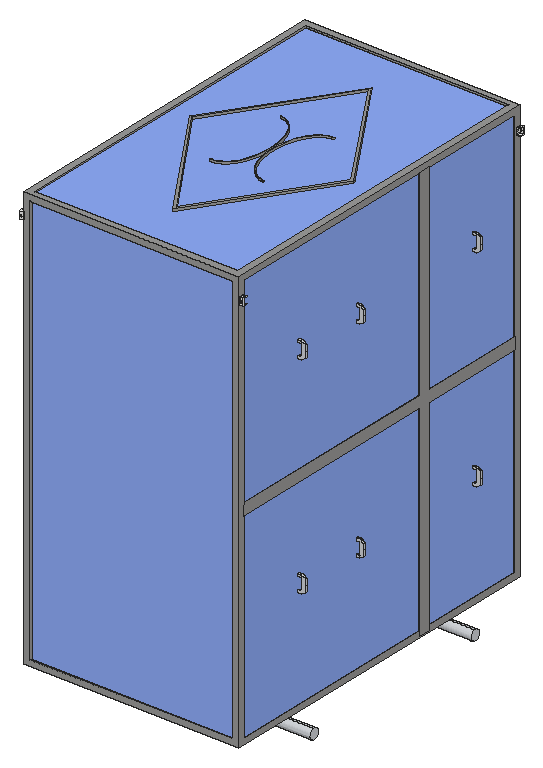
Revit family "8. Секция пластинчатого рекуператора ANR R1, R3", category Оборудование, Revit 2016
Family settings
  Тип детали = Нормальный
  Размер круглого соединителя = Использовать диаметр
  На основе рабочей плоскости = Нет
  Всегда вертикально = Да
  При загрузке вырезать с полостями = Нет
  Общий = Нет
  Точка расчета площади = Нет
Parameters (values of type "ANR 8 R3")
  значок = yes
  Ширина = А - 75 mm  # 1245 mm
  Синий = Синий
  Середина = h + Б1 / 2  # 1466.5 mm
  К5 = Д1 * 0.29  # 617.7 mm
  К2 = Д1 * 0.16  # 340.8 mm
  К1 = Д1 * 0.42  # 894.6 mm
  И1 = И / 2  # 236.429 mm
  И = 472.857 mm
  Заправочный объем, л = 19.30 m³
  З = Д / 7  # 307.143 mm
  Ж = Б1 / 4  # 643.25 mm
  К = Д1 * 0.21  # 447.3 mm
  Д1 = Д - 20 mm  # 2130 mm
  Д патрубков = 40 mm
  Д = 2150 mm
  ножки(да/нет) [instance] = no
  Высота = Б - 75 mm  # 2518 mm
  Б1 = Б - 20 mm  # 2573 mm
  А1 = А - 20 mm  # 1300 mm
  А = 1320 mm
  высота ножек = 170 mm
  Б = 2593 mm
  Частотный преобразователь [instance] = no
  Частота вращения n, об/мин = ""
  Тип, марка, обозначение = "ANR 8 R3"
  Сила тока J, А = ""
  Регулятор расхода [instance] = no
  Раздел = "ОВ"
  Примечание = ""
  Позиция = ""
  Напряжение U,В = ""
  Наименование и тех.хар-ка = "Секция пластинчатого рекуператора с однонаправленным"
  Мощность двигателя N,Вт = ""
  Материал = RAL 0000 Серый металл
  Масса единицы = ""
  Код, оборудования = ""
  Ключевая пометка = "Вентиляция"
  Задание электрикам [instance] = no
  Задание автоматчикам [instance] = no
  Завод изготовитель = "KORF"  # constant formula
  Единица измерения = "шт."  # constant formula
  h = высота ножек + 10 mm  # 180 mm
Types (12, lengths in mm): name | Ширина | Середина | К5 | К2 | К1 | И1 | И | Заправочный объем, л | З | Ж | К | Д1 | Д патрубков | Д | Высота | Б1 | А1 | А | Б | Тип, марка, обозначение | Наименование и тех.хар-ка | Материал
  ANR 20 R1 | 1585 | 1806.5 | 1074.45 | 592.8 | 1556.1 | 236.429 | 472.857 | 7.00 m³ | 532.143 | 813.25 | 778.05 | 3705 | 28 | 3725 | 3198 | 3253 | 1640 | 1660 | 3273 | "ANR 20 R1" | "Секция пластинчатого рекуператора со встречным дви-\r\nжением потоков приточного\r\nи вытяжного воздуха" | Сталь серая
  ANR 25 R1 | 1970 | 2191.5 | 1074.45 | 592.8 | 1556.1 | 236.429 | 472.857 | 37.80 m³ | 532.143 | 1005.75 | 778.05 | 3705 | 28 | 3725 | 3968 | 4023 | 2025 | 2045 | 4043 | "ANR 25 R1" | "Секция пластинчатого рекуператора со встречным дви-\r\nжением потоков приточного\r\nи вытяжного воздуха" | Сталь серая
  ANR 7 R1 | 1025 | 1466.5 | 617.7 | 340.8 | 894.6 | 381.5 | 763 | 14.30 m³ | 307.143 | 643.25 | 447.3 | 2130 | 40 | 2150 | 2518 | 2573 | 1080 | 1100 | 2593 | "ANR 7 R1" | "Секция пластинчатого рекуператора со встречным дви-\r\nжением потоков приточного\r\nи вытяжного воздуха" | Сталь серая
  ANR 8 R1 | 1245 | 1466.5 | 617.7 | 340.8 | 894.6 | 236.429 | 472.857 | 19.30 m³ | 307.143 | 643.25 | 447.3 | 2130 | 40 | 2150 | 2518 | 2573 | 1300 | 1320 | 2593 | "ANR 8 R1" | "Секция пластинчатого рекуператора со встречным дви-\r\nжением потоков приточного\r\nи вытяжного воздуха" | Сталь серая
  ANR 6 R1 | 1025 | 1246.5 | 465.45 | 256.8 | 674.1 | 236.429 | 472.857 | 7.00 m³ | 232.143 | 533.25 | 337.05 | 1605 | 28 | 1625 | 2078 | 2133 | 1080 | 1100 | 2153 | "ANR 6 R1" | "Секция пластинчатого рекуператора со встречным дви-\r\nжением потоков приточного\r\nи вытяжного воздуха" | Сталь серая
  ANR 12 R1 | 1360 | 1581.5 | 769.95 | 424.8 | 1115.1 | 236.429 | 472.857 | 13.30 m³ | 382.143 | 700.75 | 557.55 | 2655 | 35 | 2675 | 2748 | 2803 | 1415 | 1435 | 2823 | "ANR 12 R1" | "Секция пластинчатого рекуператора со встречным дви-\r\nжением потоков приточного\r\nи вытяжного воздуха" | Сталь серая
  ANR 6 R3 | 1025 | 1246.5 | 465.45 | 256.8 | 674.1 | 236.429 | 472.857 | 7.00 m³ | 232.143 | 533.25 | 337.05 | 1605 | 28 | 1625 | 2078 | 2133 | 1080 | 1100 | 2153 | "ANR 6 R3" | "Секция пластинчатого рекуператора с однонаправленным\r\nдвижением потоков приточного\r\nи вытяжного воздуха" | Сталь серая
  ANR 7 R3 | 1025 | 1466.5 | 617.7 | 340.8 | 894.6 | 381.5 | 763 | 14.30 m³ | 307.143 | 643.25 | 447.3 | 2130 | 40 | 2150 | 2518 | 2573 | 1080 | 1100 | 2593 | "ANR 7 R3" | "Секция пластинчатого рекуператора с однонаправленным" | Сталь серая
  ANR 8 R3 | 1245 | 1466.5 | 617.7 | 340.8 | 894.6 | 236.429 | 472.857 | 19.30 m³ | 307.143 | 643.25 | 447.3 | 2130 | 40 | 2150 | 2518 | 2573 | 1300 | 1320 | 2593 | "ANR 8 R3" | "Секция пластинчатого рекуператора с однонаправленным" | RAL 0000 Серый металл
  ANR 12 R3 | 1360 | 1581.5 | 769.95 | 424.8 | 1115.1 | 236.429 | 472.857 | 13.30 m³ | 382.143 | 700.75 | 557.55 | 2655 | 35 | 2675 | 2748 | 2803 | 1415 | 1435 | 2823 | "ANR 12 R3" | "Секция пластинчатого рекуператора с однонаправленным" | Сталь серая
  ANR 20 R3 | 1585 | 1806.5 | 1074.45 | 592.8 | 1556.1 | 236.429 | 472.857 | 7.00 m³ | 532.143 | 813.25 | 778.05 | 3705 | 28 | 3725 | 3198 | 3253 | 1640 | 1660 | 3273 | "ANR 20 R3" | "Секция пластинчатого рекуператора с однонаправленным" | Сталь серая
  ANR 25 R3 | 1970 | 2191.5 | 1074.45 | 592.8 | 1556.1 | 236.429 | 472.857 | 37.80 m³ | 532.143 | 1005.75 | 778.05 | 3705 | 28 | 3725 | 3968 | 4023 | 2025 | 2045 | 4043 | "ANR 25 R3" | "Секция пластинчатого рекуператора с однонаправленным" | Сталь серая
Reference planes
  plane 1 "По центру (Вперед/Назад)": y = 0
  plane 2: z = 0
  plane 3 "По центру (Влево/Вправо)": x = 0
  plane 4: x = -650
  plane 5: x = 650
  plane 6: y = 1065
  plane 7: y = -1065
  plane 8: z = 2753
  plane 9: z = 180
  plane 10: y = -510
  plane 11: z = 1466.5
  plane 12: z = 2653
  plane 13: x = 700
  plane 14: y = -369.163
  plane 15: x = 754
  plane 16: z = 2109.75
  plane 17: z = 823.25
  plane 18: y = 724.2
  plane 19: y = -617.7
  plane 20: y = -170.4
  plane 21: y = 510
  plane 22: y = 369.163
  plane 23: y = -617.7
  plane 24: y = 617.7
Forms (mm)
  Extrusion 1, solid, material "Синий" <- "Синий", detail levels fine
    sketch origin (0, 0, 50) x (1, 0, 0) y (0, 1, 0)
      loop
        line (-650, 1065) -> (-650, -1065) -> (650, -1065) -> (650, 1065) -> (-650, 1065)
    from 130 to 2703
  Sweep 2, solid, material "RAL 0000 Серый металл" <- "Материал", detail levels fine
    path origin (650, -1065, 50) x (-1, 0, 0) y (0, 0, -1)
      loop
        line (0, -2703) -> (1300, -2703) -> (1300, -130) -> (0, -130) -> (0, -2703)
    profile "Профиль уголок 10х10 : Профиль уголок 10х10" origin (0, -1065, 2753) x (0, 0, -1) y (0, -1, 0)
      loop
        line (0, -27.5) -> (0, 0) -> (27.5, 0) -> (27.5, 10) -> (-10, 10) -> (-10, -27.5) -> (0, -27.5)
  Sweep 3, solid, material "RAL 0000 Серый металл" <- "Материал", detail levels fine
    path origin (-650, 1065, 50) x (1, 0, 0) y (0, 0, -1)
      loop
        line (0, -2703) -> (1300, -2703) -> (1300, -130) -> (0, -130) -> (0, -2703)
    profile "Профиль уголок 10х10 : Профиль уголок 10х10" origin (0, 1065, 2753) x (0, 0, -1) y (0, 1, 0)
      loop
        line (0, -27.5) -> (0, 0) -> (27.5, 0) -> (27.5, 10) -> (-10, 10) -> (-10, -27.5) -> (0, -27.5)
  Sweep 4, solid, material "RAL 0000 Серый металл" <- "Материал", detail levels fine
    path origin (650, 1065, 50) x (0, -1, 0) y (0, 0, -1)
      loop
        line (0, -2703) -> (2130, -2703) -> (2130, -130) -> (0, -130) -> (0, -2703)
    profile "Профиль уголок 10х10 : Профиль уголок 10х10" origin (650, 0, 2753) x (0, 0, -1) y (1, 0, 0)
      loop
        line (0, -27.5) -> (0, 0) -> (27.5, 0) -> (27.5, 10) -> (-10, 10) -> (-10, -27.5) -> (0, -27.5)
  Sweep 5, solid, material "RAL 0000 Серый металл" <- "Материал", detail levels fine
    path origin (-650, -1065, 50) x (0, 1, 0) y (0, 0, -1)
      loop
        line (0, -2703) -> (2130, -2703) -> (2130, -130) -> (0, -130) -> (0, -2703)
    profile "Профиль уголок 10х10 : Профиль уголок 10х10" origin (-650, 0, 2753) x (0, 0, -1) y (-1, 0, 0)
      loop
        line (0, -27.5) -> (0, 0) -> (27.5, 0) -> (27.5, 10) -> (-10, 10) -> (-10, -27.5) -> (0, -27.5)
  Extrusion 6, void, not visible
    sketch origin (-345, -245, 50) x (0, -1, 0) y (0, 0, -1)
      loop
        line (-477.965, -475) -> (-477.965, -450) -> (-528.913, -450) -> (-528.913, -475) -> (-477.965, -475)
    from -47.452 to 12
  Sweep 7, solid, material "RAL 0000 Серый металл" <- "Материал", visible <- "ножки(да/нет)", detail levels fine
    path origin (0, 0, 0) x (1, 0, 0) y (0, 1, 0)
      loop
        line (-650, 1065) -> (-650, -1065) -> (650, -1065) -> (650, 1065) -> (-650, 1065)
    profile "Профиль 170мм : Профиль 170мм" origin (0, 1065, 0) x (0, 1, 0) y (0, 0, 1)
      loop
        line (-10, 170) -> (-10, 150) -> (-3.38, 150) -> (-3.38, 20) -> (-10, 20) -> (-10, 0) -> (10, 0) -> (10, 20) -> (3.38, 20) -> (3.38, 150) -> (10, 150) -> (10, 170) -> (-10, 170)
  Extrusion 8, void
    sketch origin (0, 0, 0) x (1, 0, 0) y (0, 0, 1)
      loop
        line (152.369, 150) -> (152.369, 20) -> (458.798, 20) -> (458.798, 150) -> (152.369, 150)
      loop
        line (-152.369, 150) -> (-458.798, 150) -> (-458.798, 20) -> (-152.369, 20) -> (-152.369, 150)
    from -1862.5 to 1075
  Extrusion 9, void
    sketch origin (0, -439.582, 0) x (0, 1, 0) y (0, 0, 1)
      loop
        line (-455.018, 150) -> (-455.018, 20) -> (98.782, 20) -> (98.782, 150) -> (-455.018, 150)
    from -1535.214 to 1700
  Extrusion 10, void
    sketch origin (0, 439.582, 6.882) x (0, -1, 0) y (0, 0, -1)
      loop
        line (-455.018, -143.118) -> (98.782, -143.118) -> (98.782, -13.118) -> (-455.018, -13.118) -> (-455.018, -143.118)
    from -1535.214 to 1700
  Extrusion 11, solid, material "RAL 0000 Серый металл" <- "Материал", detail levels fine
    sketch origin (0, 100, 0) x (0, 1, 0) y (0, 0, 1)
      loop
        line (207.143, 2725.5) -> (207.143, 180) -> (277.143, 180) -> (277.143, 2725.5) -> (207.143, 2725.5)
    from 640 to 660
  Extrusion 12, solid, material "RAL 0000 Серый металл" <- "Материал", detail levels fine
    sketch origin (0, 0, 38.75) x (0, 1, 0) y (0, 0, 1)
      loop
        line (-1037.5, 1462.831) -> (-1037.5, 1392.831) -> (1037.5, 1392.831) -> (1037.5, 1462.831) -> (-1037.5, 1462.831)
    from 622.5 to 660
  Sweep 13, solid, detail levels fine
    path origin (4267.2, -617.7, 251.711) x (0, 0, 1) y (1, 0, 0)
      loop
        line (-170.406, -3513.2) -> (-170.406, -3848.2)
        arc (-170.406, -3848.2) -> (-145.51, -3908.304) -> (-85.406, -3933.2) r 85
        line (-85.406, -3933.2) -> (-71.711, -3933.2)
    profile origin (586.5, -617.7, 81.305) x (0, 0, 1) y (0, 1, 0)
      loop
        circle (0, 0) r 30
  Sweep 14, solid, detail levels fine
    path origin (4267.2, 617.7, 251.711) x (0, 0, 1) y (1, 0, 0)
      loop
        line (-170.406, -3513.2) -> (-170.406, -3848.2)
        arc (-170.406, -3848.2) -> (-145.51, -3908.304) -> (-85.406, -3933.2) r 85
        line (-85.406, -3933.2) -> (-71.711, -3933.2)
    profile origin (586.5, 617.7, 81.305) x (0, 0, -1) y (0, -1, 0)
      loop
        circle (0, 0) r 30
  Extrusion 15, solid, material "RAL 0000 Серый металл" <- "Материал", visible <- "значок", detail levels fine
    sketch origin (0, 0, 0) x (1, 0, 0) y (0, 1, 0)
      loop
        line (0, 763.22) -> (-505, 0) -> (0, -762.5) -> (505, 0) -> (0, 763.22)
      loop
        line (0.117, 741.649) -> (-490.416, 0.293) -> (0.316, -731.355) -> (485.849, 0) -> (0.117, 741.649)
      loop
        spline (-163.142, 271.486) -> (-122.346, 260.798) -> (-84.528, 232.853) -> (-52.205, 189.513) -> (-27.529, 133.662) -> (-12.143, 69.017) -> (-7.07, -0.119) -> (-12.648, -69.143) -> (-28.506, -133.463) -> (-53.589, -188.796) -> (-86.226, -231.459) -> (-124.246, -258.614) -> (-165.118, -268.452)
        spline (-165.118, -268.452) -> (-123.476, -260.047) -> (-84.559, -233.678) -> (-51.04, -191.157) -> (-25.219, -135.402) -> (-8.872, -70.245) -> (-3.12, -0.159) -> (-8.358, 70.041) -> (-24.228, 135.534) -> (-49.638, 191.821) -> (-82.845, 235.038) -> (-121.566, 262.215) -> (-163.142, 271.486)
      loop
        spline (166.269, 271.489) -> (124.272, 263.761) -> (84.938, 237.757) -> (51.007, 195.291) -> (24.844, 139.323) -> (8.273, 73.753) -> (2.448, 3.15) -> (7.776, -67.565) -> (23.884, -133.463) -> (49.651, -189.951) -> (83.281, -233.094) -> (122.429, -259.884) -> (164.369, -268.453)
        spline (164.369, -268.453) -> (123.171, -258.497) -> (84.889, -230.955) -> (52.111, -187.689) -> (27.055, -131.627) -> (11.414, -66.56) -> (6.248, 3.111) -> (11.904, 72.674) -> (28.002, 137.423) -> (53.451, 192.98) -> (86.531, 235.586) -> (125.004, 262.359) -> (166.269, 271.489)
    from 1854.868 to 2763
  Extrusion 16, solid, not visible
    sketch origin (0, 0, -1861.794) x (1, 0, 0) y (0, 1, 0)
      loop
        line (0, 763.22) -> (-505, 0) -> (0, -762.5) -> (505, 0) -> (0, 763.22)
      loop
        line (0.117, 741.649) -> (-490.416, 0.293) -> (0.316, -731.355) -> (485.849, 0) -> (0.117, 741.649)
      loop
        spline (-163.142, 271.486) -> (-122.346, 260.798) -> (-84.528, 232.853) -> (-52.205, 189.513) -> (-27.529, 133.662) -> (-12.143, 69.017) -> (-7.07, -0.119) -> (-12.648, -69.143) -> (-28.506, -133.463) -> (-53.589, -188.796) -> (-86.226, -231.459) -> (-124.246, -258.614) -> (-165.118, -268.452)
        spline (-165.118, -268.452) -> (-123.476, -260.047) -> (-84.559, -233.678) -> (-51.04, -191.157) -> (-25.219, -135.402) -> (-8.872, -70.245) -> (-3.12, -0.159) -> (-8.358, 70.041) -> (-24.228, 135.534) -> (-49.638, 191.821) -> (-82.845, 235.038) -> (-121.566, 262.215) -> (-163.142, 271.486)
      loop
        spline (166.269, 271.489) -> (124.272, 263.761) -> (84.938, 237.757) -> (51.007, 195.291) -> (24.844, 139.323) -> (8.273, 73.753) -> (2.448, 3.15) -> (7.776, -67.565) -> (23.884, -133.463) -> (49.651, -189.951) -> (83.281, -233.094) -> (122.429, -259.884) -> (164.369, -268.453)
        spline (164.369, -268.453) -> (123.171, -258.497) -> (84.889, -230.955) -> (52.111, -187.689) -> (27.055, -131.627) -> (11.414, -66.56) -> (6.248, 3.111) -> (11.904, 72.674) -> (28.002, 137.423) -> (53.451, 192.98) -> (86.531, 235.586) -> (125.004, 262.359) -> (166.269, 271.489)
    from 1854.868 to 4213
Cuts and joins
  joined: Sweep 2, Sweep 3, Sweep 4, Sweep 5
  Extrusion 8, Extrusion 9, Extrusion 10 cuts Sweep 7
  joined: Extrusion 11, Extrusion 12
Lines and regions (mm)
  model lines, detail levels coarse
    curve 1: line (-660, 1075, 0) -> (660, 1075, 0)
    curve 2: line (-660, -1075, 0) -> (-660, 1075, 0)
    curve 3: line (660, -1075, 0) -> (-660, -1075, 0)
    curve 4: line (660, 1075, 0) -> (660, -1075, 0)
    curve 5: line (0, 1075, 0) -> (-660, 0, 0)
    curve 6: line (-660, 0, 0) -> (0, -1075, 0)
    curve 7: line (0, -1075, 0) -> (660, 0, 0)
    curve 8: line (660, 0, 0) -> (0, 1075, 0)
    curve 9: spline (-94.668, 271.528, 0) -> (-61.696, 254.089, 0) -> (-32.984, 204.026, 0) -> (-12.239, 127.805, 0) -> (-2.143, 35.272, 0) -> (-3.998, -61.62, 0) -> (-17.566, -150.355, 0) -> (-41.093, -219.47, 0) -> (-71.54, -260.038, 0) -> (-104.976, -266.818, 0) -> (-137.079, -238.935, 0) -> (-163.704, -179.989, 0) -> (-181.412, -97.597, 0)
    curve 10: spline (94.668, 271.528, 0) -> (61.696, 254.089, 0) -> (32.984, 204.026, 0) -> (12.239, 127.805, 0) -> (2.143, 35.272, 0) -> (3.998, -61.62, 0) -> (17.566, -150.355, 0) -> (41.093, -219.47, 0) -> (71.54, -260.038, 0) -> (104.976, -266.818, 0) -> (137.079, -238.935, 0) -> (163.704, -179.989, 0) -> (181.412, -97.597, 0)
    curve 11: line (-94.668, 271.528, 0) -> (-53.884, 290.545, 0)
    curve 12: line (-94.668, 271.528, 0) -> (-78.587, 218.931, 0)
    curve 13: line (94.668, 271.528, 0) -> (73.454, 292.741, 0)
    curve 14: line (94.668, 271.528, 0) -> (81.989, 244.338, 0)
    curve 15: line (-181.412, -97.597, 0) -> (-161.792, -126.58, 0)
    curve 16: line (-181.412, -97.597, 0) -> (-193.382, -130.486, 0)
    curve 17: line (181.412, -97.597, 0) -> (198.229, -122.44, 0)
    curve 18: line (181.412, -97.597, 0) -> (164.595, -122.44, 0)
  model lines, not visible, detail levels coarse
    curve 19: spline (-158.121, 271.528, 0) -> (-114.832, 261.458, 0) -> (-74.772, 231.999, 0) -> (-40.929, 185.348, 0) -> (-15.828, 124.986, 0) -> (-1.34, 55.415, 0) -> (1.452, -18.176, 0) -> (-7.659, -90.297, 0) -> (-27.993, -155.569, 0) -> (-58.033, -209.122, 0) -> (-95.54, -246.963, 0) -> (-137.715, -266.267, 0) -> (-181.412, -265.597, 0)
    curve 20: spline (158.121, 271.528, 0) -> (114.832, 261.458, 0) -> (74.772, 231.999, 0) -> (40.929, 185.348, 0) -> (15.828, 124.986, 0) -> (1.34, 55.415, 0) -> (-1.452, -18.176, 0) -> (7.659, -90.297, 0) -> (27.993, -155.569, 0) -> (58.033, -209.122, 0) -> (95.54, -246.963, 0) -> (137.715, -266.267, 0) -> (181.412, -265.597, 0)
    curve 21: line (-158.121, 271.528, 0) -> (-111.137, 288.629, 0)
    curve 22: line (-158.121, 271.528, 0) -> (-132.896, 234.263, 0)
    curve 23: line (158.121, 271.528, 0) -> (117.338, 290.545, 0)
    curve 24: line (158.121, 271.528, 0) -> (126.302, 239.708, 0)
    curve 25: line (-181.412, -265.597, 0) -> (-161.792, -294.58, 0)
    curve 26: line (-181.412, -265.597, 0) -> (-156.568, -248.78, 0)
    curve 27: line (181.412, -265.597, 0) -> (156.568, -248.78, 0)
    curve 28: line (181.412, -265.597, 0) -> (164.595, -290.44, 0)
    curve 29: spline (-158.121, 271.528, 0) -> (-114.832, 261.458, 0) -> (-74.772, 231.999, 0) -> (-40.929, 185.348, 0) -> (-15.828, 124.986, 0) -> (-1.34, 55.415, 0) -> (1.452, -18.176, 0) -> (-7.659, -90.297, 0) -> (-27.993, -155.569, 0) -> (-58.033, -209.122, 0) -> (-95.54, -246.963, 0) -> (-137.715, -266.267, 0) -> (-181.412, -265.597, 0)
    curve 30: spline (158.121, 271.528, 0) -> (114.832, 261.458, 0) -> (74.772, 231.999, 0) -> (40.929, 185.348, 0) -> (15.828, 124.986, 0) -> (1.34, 55.415, 0) -> (-1.452, -18.176, 0) -> (7.659, -90.297, 0) -> (27.993, -155.569, 0) -> (58.033, -209.122, 0) -> (95.54, -246.963, 0) -> (137.715, -266.267, 0) -> (181.412, -265.597, 0)
    curve 31: line (-158.121, 271.528, 0) -> (-111.137, 288.629, 0)
    curve 32: line (-158.121, 271.528, 0) -> (-132.896, 234.263, 0)
    curve 33: line (158.121, 271.528, 0) -> (117.338, 290.545, 0)
    curve 34: line (158.121, 271.528, 0) -> (126.302, 239.708, 0)
    curve 35: line (-181.412, -265.597, 0) -> (-161.792, -294.58, 0)
    curve 36: line (-181.412, -265.597, 0) -> (-156.568, -248.78, 0)
    curve 37: line (181.412, -265.597, 0) -> (156.568, -248.78, 0)
    curve 38: line (181.412, -265.597, 0) -> (164.595, -290.44, 0)
    curve 39: spline (-94.668, 271.528, 0) -> (-61.696, 254.089, 0) -> (-32.984, 204.026, 0) -> (-12.239, 127.805, 0) -> (-2.143, 35.272, 0) -> (-3.998, -61.62, 0) -> (-17.566, -150.355, 0) -> (-41.093, -219.47, 0) -> (-71.54, -260.038, 0) -> (-104.976, -266.818, 0) -> (-137.079, -238.935, 0) -> (-163.704, -179.989, 0) -> (-181.412, -97.597, 0)
    curve 40: spline (94.668, 271.528, 0) -> (61.696, 254.089, 0) -> (32.984, 204.026, 0) -> (12.239, 127.805, 0) -> (2.143, 35.272, 0) -> (3.998, -61.62, 0) -> (17.566, -150.355, 0) -> (41.093, -219.47, 0) -> (71.54, -260.038, 0) -> (104.976, -266.818, 0) -> (137.079, -238.935, 0) -> (163.704, -179.989, 0) -> (181.412, -97.597, 0)
    curve 41: line (-94.668, 271.528, 0) -> (-53.884, 290.545, 0)
    curve 42: line (-94.668, 271.528, 0) -> (-78.587, 218.931, 0)
    curve 43: line (94.668, 271.528, 0) -> (73.454, 292.741, 0)
    curve 44: line (94.668, 271.528, 0) -> (81.989, 244.338, 0)
    curve 45: line (-181.412, -97.597, 0) -> (-161.792, -126.58, 0)
    curve 46: line (-181.412, -97.597, 0) -> (-193.382, -130.486, 0)
    curve 47: line (181.412, -97.597, 0) -> (198.229, -122.44, 0)
    curve 48: line (181.412, -97.597, 0) -> (164.595, -122.44, 0)
Dimensions and locks
  equal spacing: plane 6, plane 1 "По центру (Вперед/Назад)", plane 7
  "Д1": plane 6 to plane 7
  equal spacing: plane 4, plane 3 "По центру (Влево/Вправо)", plane 5
  "А1": plane 4 to plane 5
  "h": plane 9 to level
  "Б1": plane 8 to plane 9
  cut or joined group of Sweep 2, Sweep 3, Sweep 4, Sweep 5 to level = 170 mm
  locked: plane 3 "По центру (Влево/Вправо)" to cut or joined group of Sweep 7, Extrusion 8, Extrusion 9, Extrusion 10 at 152.369
  locked: cut or joined group of Sweep 7, Extrusion 8, Extrusion 9, Extrusion 10 to plane 3 "По центру (Влево/Вправо)" at 152.369
  "Середина": plane 11 to level
  locked: plane 8 to plane 12 at 100
  plane 1 "По центру (Вперед/Назад)" to plane 7 = 1065 mm
  plane 6 to plane 1 "По центру (Вперед/Назад)" = 1065 mm
  plane 10 to plane 14 to plane 1 "По центру (Вперед/Назад)" = 140.837 mm, 369.163 mm
  locked: plane 15 to plane 5 at 104
  locked: plane 13 to plane 5 at 50
  "Ж": plane 16 to plane 11
  "Ж": plane 11 to plane 17
  "К": plane 7 to plane 19
  "К1": plane 7 to plane 20
  "К2": plane 18 to plane 6
  plane 21 to plane 22 = 140.837 mm
  "К2": cut or joined group of Sweep 7, Extrusion 8, Extrusion 9, Extrusion 10 to plane 1 "По центру (Вперед/Назад)"
  "К1": cut or joined group of Sweep 7, Extrusion 8, Extrusion 9, Extrusion 10 to plane 1 "По центру (Вперед/Назад)"
  "К2": plane 1 "По центру (Вперед/Назад)" to cut or joined group of Sweep 7, Extrusion 8, Extrusion 9, Extrusion 10
  "К1": plane 1 "По центру (Вперед/Назад)" to cut or joined group of Sweep 7, Extrusion 8, Extrusion 9, Extrusion 10
  locked: Extrusion 11 sketch curve to Extrusion 11 sketch curve at 70
  locked: Extrusion 12 sketch curve to Extrusion 12 sketch curve at 70
  locked: cut or joined group of Extrusion 11, Extrusion 12 to plane 11 at 35.081
  "З": plane 1 "По центру (Вперед/Назад)" to cut or joined group of Extrusion 11, Extrusion 12
  "К5": plane 23 to plane 1 "По центру (Вперед/Назад)"
  "К5": plane 1 "По центру (Вперед/Назад)" to plane 24
  aligned and locked: level to plane 2
  aligned and locked: plane 6 to Extrusion 1
  aligned and locked: Extrusion 1 to plane 5
  aligned and locked: Extrusion 1 to plane 7
  aligned and locked: Extrusion 1 to plane 4
  aligned and locked: plane 8 to Extrusion 1
  aligned and locked: Extrusion 1 to plane 9
  aligned and locked: Sweep 4 sketch curve to Extrusion 1  (x2)
  aligned and locked: Sweep 5 sketch curve to Extrusion 1  (x2)
  aligned and locked: Sweep 7 sketch curve to Extrusion 1  (x4)
  aligned and locked: Sweep 7 to Extrusion 8
  aligned and locked: nested 3 to cut or joined group of Sweep 2, Sweep 3, Sweep 4, Sweep 5  (x2)
  aligned and locked: nested 3 to plane 12
  aligned and locked: nested 4 to plane 12
  aligned and locked: cut or joined group of Sweep 2, Sweep 3, Sweep 4, Sweep 5 to nested 4  (x2)
  aligned and locked: cut or joined group of Sweep 2, Sweep 3, Sweep 4, Sweep 5 to nested 3
  aligned and locked: cut or joined group of Sweep 2, Sweep 3, Sweep 4, Sweep 5 to nested 6
  aligned and locked: nested 5 to cut or joined group of Sweep 2, Sweep 3, Sweep 4, Sweep 5
  aligned and locked: plane 12 to nested 6
  aligned and locked: plane 12 to nested 5
  aligned and locked: nested 6 to cut or joined group of Sweep 2, Sweep 3, Sweep 4, Sweep 5
  aligned and locked: cut or joined group of Sweep 2, Sweep 3, Sweep 4, Sweep 5 to nested 5
  aligned and locked: nested 2 to plane 13
  aligned and locked: plane 17 to nested 8
  aligned and locked: plane 17 to nested 9
  aligned and locked: nested 11 to plane 17
  aligned and locked: plane 16 to nested 2
  aligned and locked: plane 16 to nested 7
  aligned and locked: nested 10 to plane 16
  aligned and locked: nested 2 to plane 19
  aligned and locked: nested 7 to plane 20
  aligned and locked: plane 19 to nested 8
  aligned and locked: plane 20 to nested 9
  aligned and locked: cut or joined group of Sweep 7, Extrusion 8, Extrusion 9, Extrusion 10 to cut or joined group of Sweep 7, Extrusion 8, Extrusion 9, Extrusion 10  (x4)
  aligned and locked: plane 13 to nested 8
  aligned and locked: plane 13 to nested 9
  aligned and locked: plane 13 to nested 11
  aligned and locked: nested 7 to plane 13
  aligned and locked: nested 10 to plane 13
  aligned and locked: nested 10 to plane 18
  aligned and locked: nested 11 to plane 18
  aligned and locked: Extrusion 11 to cut or joined group of Sweep 7, Extrusion 8, Extrusion 9, Extrusion 10
  aligned and locked: Extrusion 12 to cut or joined group of Sweep 2, Sweep 3, Sweep 4, Sweep 5  (x2)
  aligned and locked: cut or joined group of Sweep 2, Sweep 3, Sweep 4, Sweep 5 to cut or joined group of Extrusion 11, Extrusion 12
  aligned and locked: cut or joined group of Extrusion 11, Extrusion 12 to cut or joined group of Sweep 2, Sweep 3, Sweep 4, Sweep 5
  aligned and locked: cut or joined group of Extrusion 11, Extrusion 12 to plane 9
  aligned and locked: Sweep 13 to plane 15
  aligned and locked: Sweep 14 to plane 15
  aligned and locked: curve 1 to cut or joined group of Sweep 2, Sweep 3, Sweep 4, Sweep 5
  aligned and locked: curve 2 to cut or joined group of Sweep 2, Sweep 3, Sweep 4, Sweep 5
  aligned and locked: curve 3 to cut or joined group of Sweep 2, Sweep 3, Sweep 4, Sweep 5
  aligned and locked: curve 4 to cut or joined group of Sweep 2, Sweep 3, Sweep 4, Sweep 5
  aligned and locked: nested 12 to plane 6
  aligned and locked: plane 9 to nested 12
  aligned and locked: cut or joined group of Sweep 2, Sweep 3, Sweep 4, Sweep 5 to Extrusion 15
Automatic sketch dimensions
  Extrusion 6 sketch curve to Extrusion 6 sketch curve = 50.949 mm
  Extrusion 6 sketch curve to Extrusion 6 sketch curve = 25 mm
  Extrusion 1 sketch curve to plane 4 = 0 mm
  Extrusion 1 sketch curve to plane 5 = 0 mm
  Extrusion 1 sketch curve to plane 7 = 0 mm
  Extrusion 1 sketch curve to plane 6 = 0 mm
  Sweep 2 sketch curve to Extrusion 1 = 0 mm  (x4)
  Sweep 3 sketch curve to Extrusion 1 = 0 mm  (x3)
  Extrusion 1 to Sweep 3 sketch curve = 0 mm
  Sweep 4 sketch curve to Extrusion 1 = 0 mm  (x2)
  Sweep 5 sketch curve to Extrusion 1 = 0 mm  (x2)
  Extrusion 8 sketch curve to plane 9 = 30 mm  (x2)
  plane 4 to Extrusion 8 sketch curve = 191.202 mm
  level to Extrusion 8 sketch curve = 20 mm  (x2)
  Extrusion 8 sketch curve to plane 3 "По центру (Влево/Вправо)" = 152.369 mm
  plane 3 "По центру (Влево/Вправо)" to Extrusion 8 sketch curve = 152.369 mm
  Extrusion 8 sketch curve to plane 5 = 191.202 mm
  level to Extrusion 9 sketch curve = 20 mm
  plane 7 to Extrusion 9 sketch curve = 170.4 mm
  plane 14 to Extrusion 9 sketch curve = 28.363 mm
  Extrusion 9 sketch curve to plane 9 = 30 mm
  Extrusion 10 sketch curve to level = 20 mm
  plane 6 to Extrusion 10 sketch curve = 170.4 mm
  Extrusion 10 sketch curve to plane 22 = 28.363 mm
  plane 9 to Extrusion 10 sketch curve = 30 mm
  Extrusion 11 sketch curve to plane 9 = 0 mm
  Extrusion 11 sketch curve to plane 1 "По центру (Вперед/Назад)" = 307.143 mm
  Extrusion 11 sketch curve to plane 8 = 27.5 mm
  plane 7 to Extrusion 12 sketch curve = 27.5 mm
  Extrusion 12 sketch curve to plane 6 = 27.5 mm
  Extrusion 12 sketch curve to plane 11 = 34.919 mm
  Sweep 13 sketch curve to plane 15 = 0 mm
  Sweep 13 sketch curve to plane 9 = 0 mm
  Sweep 13 sketch curve to Sweep 13 sketch curve = 13.695 mm
  level to Sweep 13 sketch curve = 81.305 mm
  Sweep 13 sketch curve to plane 5 = 231 mm
  Sweep 13 sketch curve to plane 23 = 0 mm
  profile plane to Sweep 13 sketch curve = 0 mm
  Sweep 14 sketch curve to plane 15 = 0 mm
  Sweep 14 sketch curve to plane 9 = 0 mm
  plane 9 to Sweep 14 sketch curve = 13.695 mm
  Sweep 14 sketch curve to level = 81.305 mm
  plane 5 to Sweep 14 sketch curve = 231 mm
  Sweep 14 sketch curve to plane 24 = 0 mm
  Sweep 14 sketch curve to profile plane = 0 mm
  Extrusion 15 sketch curve to Extrusion 15 sketch curve = 3.95 mm
  Extrusion 15 sketch curve to Extrusion 15 sketch curve = 3.8 mm
  Extrusion 15 sketch curve to Extrusion 15 sketch curve = 269.938 mm
  Extrusion 15 sketch curve to Extrusion 15 sketch curve = 269.943 mm
  Extrusion 15 sketch curve to Extrusion 15 sketch curve = 14.584 mm
  Extrusion 15 sketch curve to Extrusion 15 sketch curve = 490.416 mm  (x2)
  Extrusion 15 sketch curve to Extrusion 15 sketch curve = 0.117 mm
  Extrusion 15 sketch curve to Extrusion 15 sketch curve = 0.316 mm
  Extrusion 15 sketch curve to Extrusion 15 sketch curve = 485.533 mm
  Extrusion 15 sketch curve to Extrusion 15 sketch curve = 19.151 mm
  Extrusion 15 sketch curve to Extrusion 15 sketch curve = 31.145 mm
  Extrusion 15 sketch curve to Extrusion 15 sketch curve = 731.355 mm  (x2)
  Extrusion 15 sketch curve to Extrusion 15 sketch curve = 0 mm
  Extrusion 15 sketch curve to Extrusion 15 sketch curve = 0.293 mm
  Extrusion 15 sketch curve to Extrusion 15 sketch curve = 741.649 mm
  Extrusion 15 sketch curve to Extrusion 15 sketch curve = 21.571 mm
  Extrusion 15 sketch curve to Extrusion 15 sketch curve = 323.323 mm
  Extrusion 15 sketch curve to Extrusion 15 sketch curve = 1.975 mm
  Extrusion 15 sketch curve to Extrusion 15 sketch curve = 325.612 mm
  Extrusion 15 sketch curve to Extrusion 15 sketch curve = 1.9 mm
  Extrusion 15 sketch curve to Extrusion 15 sketch curve = 268.453 mm
  Extrusion 15 sketch curve to Extrusion 15 sketch curve = 0.002 mm
  Extrusion 15 sketch curve to Extrusion 15 sketch curve = 269.959 mm
  Extrusion 15 sketch curve to Extrusion 15 sketch curve = 269.962 mm
  Extrusion 15 sketch curve to Extrusion 15 sketch curve = 0.038 mm
  Extrusion 15 sketch curve to Extrusion 15 sketch curve = 0.041 mm
  Extrusion 16 sketch curve to Extrusion 16 sketch curve = 3.95 mm
  Extrusion 16 sketch curve to Extrusion 16 sketch curve = 3.8 mm
  Extrusion 16 sketch curve to Extrusion 16 sketch curve = 269.938 mm
  Extrusion 16 sketch curve to Extrusion 16 sketch curve = 269.943 mm
  Extrusion 16 sketch curve to Extrusion 16 sketch curve = 14.584 mm
  Extrusion 16 sketch curve to Extrusion 16 sketch curve = 490.416 mm  (x2)
  Extrusion 16 sketch curve to Extrusion 16 sketch curve = 0.117 mm
  Extrusion 16 sketch curve to Extrusion 16 sketch curve = 0.316 mm
  Extrusion 16 sketch curve to Extrusion 16 sketch curve = 485.533 mm
  Extrusion 16 sketch curve to Extrusion 16 sketch curve = 19.151 mm
  Extrusion 16 sketch curve to Extrusion 16 sketch curve = 31.145 mm
  Extrusion 16 sketch curve to Extrusion 16 sketch curve = 731.355 mm  (x2)
  Extrusion 16 sketch curve to Extrusion 16 sketch curve = 0 mm
  Extrusion 16 sketch curve to Extrusion 16 sketch curve = 0.293 mm
  Extrusion 16 sketch curve to Extrusion 16 sketch curve = 741.649 mm
  Extrusion 16 sketch curve to Extrusion 16 sketch curve = 21.571 mm
  Extrusion 16 sketch curve to Extrusion 16 sketch curve = 323.323 mm
  Extrusion 16 sketch curve to Extrusion 16 sketch curve = 1.975 mm
  Extrusion 16 sketch curve to Extrusion 16 sketch curve = 325.612 mm
  Extrusion 16 sketch curve to Extrusion 16 sketch curve = 1.9 mm
  Extrusion 16 sketch curve to Extrusion 16 sketch curve = 268.453 mm
  Extrusion 16 sketch curve to Extrusion 16 sketch curve = 0.002 mm
  Extrusion 16 sketch curve to Extrusion 16 sketch curve = 269.959 mm
  Extrusion 16 sketch curve to Extrusion 16 sketch curve = 269.962 mm
  Extrusion 16 sketch curve to Extrusion 16 sketch curve = 0.038 mm
  Extrusion 16 sketch curve to Extrusion 16 sketch curve = 0.041 mm
  Extrusion 15 sketch curve to plane 1 "По центру (Вперед/Назад)" = 0 mm
  Extrusion 15 sketch curve to plane 3 "По центру (Влево/Вправо)" = 505 mm
  plane 3 "По центру (Влево/Вправо)" to curve 8 = 0 mm
  plane 3 "По центру (Влево/Вправо)" to curve 7 = 0 mm
  curve 7 to plane 1 "По центру (Вперед/Назад)" = 0 mm
  curve 5 to plane 1 "По центру (Вперед/Назад)" = 0 mm
  radius of Sweep 13 sketch curve = 30 mm
  radius of Sweep 14 sketch curve = 30 mm
Nested families
  nested 1: "крепление 15мм" at (-330, 229.965, 495), type "крепление 15мм", not visible
  nested 2: "Ручка" at (662.018, -617.7, 2167.458), type "Ручка", detail levels fine
  nested 3: "крепеж" at (684.5, -1075, 2608.175) x (-1, 0, 0) z (0, 0, 1), type "крепеж", detail levels fine
  nested 4: "крепеж" at (684.5, 1075, 2608.175) x (-1, 0, 0) z (0, 0, 1), type "крепеж", detail levels fine
  nested 5: "крепеж" at (-684.5, -1075, 2608.175), type "крепеж", detail levels fine
  nested 6: "крепеж" at (-684.5, 1075, 2608.175), type "крепеж", detail levels fine
  nested 7: "Ручка" at (662.018, -170.4, 2167.458), type "Ручка", detail levels fine
  nested 8: "Ручка" at (662.018, -617.7, 880.958), type "Ручка", detail levels fine
  nested 9: "Ручка" at (662.018, -170.4, 880.958), type "Ручка", detail levels fine
  nested 10: "Ручка" at (662.018, 724.2, 2167.458), type "Ручка", detail levels fine
  nested 11: "Ручка" at (662.018, 724.2, 880.958), type "Ручка", detail levels fine
  nested 12: "УГО рекуператор (разрез)" at (0, 0, 180) x (0, 1, 0) z (0, 0, 1), длина <- "Д1", высота <- "Б1", type "УГО рекуператор (разрез)", detail levels medium
    with длина 2130 mm, высота 2573 mm, Ширина 0 mm
Connectors
  piping at (754, -617.7, 81.305), diameter 60
    settings: on Sweep 13, index 3, connector inside diameter 609.6 mm, connector length 0 mm, flow factor 0, pipe flow 0.0 L/s, pressure drop 0.0 Pa, fitting loss kfactor 0, connector angle 0.00°, fixture units 0, engagement length 0 mm, angle of deflection 0.00°, flow configuration 0, flow direction 0, fitting loss method 0, system type 28, joint type 0, gender type 0, connector reference index -1, connector utility 0, adjustable connector no, is connector primary yes, connector description ""
  piping at (754, 617.7, 81.305), diameter 60
    settings: on Sweep 14, index 4, connector inside diameter 609.6 mm, connector length 0 mm, flow factor 0, pipe flow 0.0 L/s, pressure drop 0.0 Pa, fitting loss kfactor 0, connector angle 0.00°, fixture units 0, engagement length 0 mm, angle of deflection 0.00°, flow configuration 0, flow direction 0, fitting loss method 0, system type 28, joint type 0, gender type 0, connector reference index -1, connector utility 0, adjustable connector no, is connector primary no, connector description ""
Definition of nested family "крепление 15мм"
  Parameters (values of type "крепление 15мм")
    Материал крепления = none
  Reference planes
    plane 1 "По центру (Вперед/Назад)": y = 0
    plane 2: z = 0
    plane 3 "По центру (Влево/Вправо)": x = 0
  Forms (mm)
    Extrusion 1, solid, material <- "Материал крепления"
      sketch origin (0, 0, 0) x (1, 0, 0) y (0, 1, 0)
        loop
          line (-25, 0) -> (0, 0) -> (0, 18.31) -> (0, 25) -> (-3, 25) -> (-3, 3) -> (-25, 3) -> (-25, 0)
      from 0 to 30
    Extrusion 2, void
      sketch origin (0, 0, 0) x (1, 0, 0) y (0, 1, 0)
        loop
          line (-3, 3) -> (-3, 54.96) -> (-58, 54.96) -> (-58, 3) -> (-3, 3)
      from 0 to 15
  Cuts and joins
    Extrusion 2 cuts Extrusion 1
  Dimensions and locks
    Extrusion 1 sketch curve to Extrusion 1 sketch curve = 3 mm  (x2)
    Extrusion 1 sketch curve to Extrusion 1 sketch curve to plane 3 "По центру (Влево/Вправо)" = 25 mm, 0 mm
    Extrusion 1 sketch curve to Extrusion 1 sketch curve = 25 mm
    aligned and locked: level to plane 2
Definition of nested family "Ручка"
  Parameters (values of type "Ручка")
    материал ручки = none
  Reference planes
    plane 1 "По центру (Вперед/Назад)": y = 0
    plane 2: z = 0
    plane 3 "По центру (Влево/Вправо)": x = 0
    plane 4: x = -37.982
    plane 5: x = 37.982
  Forms (mm)
    Extrusion 1, solid, material <- "материал ручки", not visible
      sketch origin (-3.982, 0, -4.834) x (0, 0, 1) y (-1, 0, 0)
        loop
          line (-52.874, -42.815) -> (53.726, -42.815) -> (53.726, 8.783) -> (36.069, 34) -> (1.069, 34) -> (-36.069, 34) -> (-52.874, 10) -> (-52.874, -42.815)
      from 0 to 10
    Extrusion 2, void, not visible
      sketch origin (-3.982, 0, -4.834) x (0, 0, 1) y (-1, 0, 0)
        loop
          line (-37.219, -42.815) -> (37.781, -42.815) -> (37.781, 20.04) -> (-37.219, 20.04) -> (-37.219, -42.815)
      from 0 to 50
    Extrusion 3, solid, material <- "материал ручки"
      sketch origin (3.982, 0, -4.834) x (0, 0, 1) y (-1, 0, 0)
        loop
          line (-52.874, 42.815) -> (-52.874, -10) -> (-36.069, -34) -> (1.069, -34) -> (36.069, -34) -> (53.726, -8.783) -> (53.726, 42.815) -> (-52.874, 42.815)
      from 0 to 10
    Extrusion 4, void
      sketch origin (3.982, 0, -4.834) x (0, 0, 1) y (-1, 0, 0)
        loop
          line (-37.219, 42.815) -> (-37.219, -11.018) -> (37.781, -11.018) -> (37.781, 42.815) -> (-37.219, 42.815)
      from 0 to 50
  Cuts and joins
    Extrusion 4 cuts Extrusion 3
  Dimensions and locks
    aligned and locked: level to plane 2
Definition of nested family "крепеж"
  Parameters (values of type "крепеж")
    Материал крепежа = none
  Reference planes
    plane 1 "По центру (Вперед/Назад)": y = 0
    plane 2: z = 0
    plane 3 "По центру (Влево/Вправо)": x = 0
    plane 4: x = 24.5
    plane 5: z = 22.413
  Forms (mm)
    Extrusion 1, solid, material <- "Материал крепежа"
      sketch origin (0, 0, 0) x (0, 1, 0) y (0, 0, 1)
        loop
          line (0, 44.825) -> (-16.343, 44.825) -> (-24.468, 44.825) -> (-24.468, 42.95) -> (-1.968, 42.95) -> (-1.968, 1.657) -> (-24.468, 1.657) -> (-24.468, 0) -> (-16.343, 0) -> (0, 0) -> (0, 44.825)
      from 0 to 24.5
    Extrusion 2, void
      sketch origin (0.625, 0, -0.625) x (1, 0, 0) y (0, 0, 1)
        loop
          circle (11.121, 22.873) r 5
      from 0 to 250
    Extrusion 3, solid, material <- "Материал крепежа"
      sketch origin (0, 0, 0.175) x (1, 0, 0) y (0, 0, 1)
        loop
          line (24.5, 44.651) -> (22.651, 44.651) -> (22.651, -0.175) -> (24.5, -0.175) -> (24.5, 44.651)
      from 0 to 24.468
    Extrusion 4, void
      sketch origin (0, 0, 0) x (0, 1, 0) y (0, 0, 1)
        loop
          line (-24.468, 28.943) -> (-24.468, 15.882) -> (-9.468, 15.882) -> (-9.468, 28.943) -> (-24.468, 28.943)
      from 0 to 250
    Blend 5, solid
      base sketch origin (0, 0, 0) x (0, 1, 0) y (0, 0, 1)
        loop
          circle (-15.104, 36.823) r 4.161
      top sketch origin (0, 0, 0) x (0, 1, 0) y (0, 0, 1)
        loop
          circle (-15.104, 36.823) r 2.994
      from 22.651 to 19.241
    Blend 6, solid
      base sketch origin (0, 0, 44.825) x (0, 1, 0) y (0, 0, 1)
        loop
          circle (-15.104, -36.823) r 4.161
      top sketch origin (0, 0, 44.825) x (0, 1, 0) y (0, 0, 1)
        loop
          circle (-15.104, -36.823) r 2.994
      from 22.651 to 19.241
  Cuts and joins
    Extrusion 2, Extrusion 4 cuts Extrusion 1
    Extrusion 4 cuts Extrusion 3
    joined: Extrusion 1, Extrusion 3
  Dimensions and locks
    plane 3 "По центру (Влево/Вправо)" to plane 4 = 24.5 mm
    equal spacing: cut or joined group of Extrusion 1, Extrusion 2, Extrusion 3, Extrusion 4, plane 5, cut or joined group of Extrusion 1, Extrusion 2, Extrusion 3, Extrusion 4
    equal spacing: Extrusion 4 sketch curve, plane 5, Extrusion 4 sketch curve
    aligned and locked: level to plane 2
    aligned and locked: plane 4 to Extrusion 1
    aligned and locked: cut or joined group of Extrusion 1, Extrusion 2, Extrusion 3, Extrusion 4 to cut or joined group of Extrusion 1, Extrusion 2, Extrusion 3, Extrusion 4  (x3)
    aligned and locked: cut or joined group of Extrusion 1, Extrusion 2, Extrusion 3, Extrusion 4 to Blend 5
  Automatic sketch dimensions
    Extrusion 1 sketch curve to level = 0 mm
    Extrusion 1 sketch curve to plane 1 "По центру (Вперед/Назад)" = 0 mm
    plane 1 "По центру (Вперед/Назад)" to Extrusion 1 sketch curve = 1.968 mm
    Extrusion 1 sketch curve to Extrusion 1 sketch curve = 14.375 mm  (x2)
    level to Extrusion 1 sketch curve = 1.657 mm
    Extrusion 1 sketch curve to Extrusion 1 sketch curve = 8.125 mm  (x2)
    plane 5 to Extrusion 1 sketch curve = 20.538 mm
    Extrusion 1 sketch curve to Extrusion 1 sketch curve = 1.875 mm
    Extrusion 2 sketch curve to plane 5 = 0.165 mm
    plane 3 "По центру (Влево/Вправо)" to Extrusion 2 sketch curve = 11.746 mm
    Extrusion 3 sketch curve to level = 0 mm
    Extrusion 3 sketch curve to plane 4 = 0 mm
    Extrusion 3 sketch curve to Extrusion 3 sketch curve = 1.849 mm
    plane 5 to Extrusion 3 sketch curve = 22.413 mm
    Extrusion 4 sketch curve to plane 5 = 6.531 mm
    plane 1 "По центру (Вперед/Назад)" to Extrusion 4 sketch curve = 24.468 mm
    plane 1 "По центру (Вперед/Назад)" to Extrusion 4 sketch curve = 9.468 mm
    plane 1 "По центру (Вперед/Назад)" to Blend 5 sketch curve = 15.104 mm  (x2)
    plane 5 to Blend 5 sketch curve = 14.41 mm  (x2)
    Blend 6 sketch curve to plane 1 "По центру (Вперед/Назад)" = 15.104 mm  (x2)
    Blend 6 sketch curve to level = 8.002 mm  (x2)
    radius of Extrusion 2 sketch curve = 5 mm
    radius of Blend 5 sketch curve = 4.161 mm
    radius of Blend 5 sketch curve = 2.994 mm
    radius of Blend 6 sketch curve = 4.161 mm
    radius of Blend 6 sketch curve = 2.994 mm
Definition of nested family "УГО рекуператор (разрез)"
  Parameters (values of type "УГО рекуператор (разрез)")
    длина [instance] = 670 mm
    высота [instance] = 920 mm
    Ширина [instance] = 410 mm
    Частота вращения n, об/мин = ""
    Тип, марка, обозначение = ""
    Сила тока J, А = ""
    Раздел = ""
    Примечание = ""
    Позиция = ""
    Default Elevation = 1219.2 mm
    Напряжение U,В = ""
    Наименование и тех.хар-ка = ""
    Мощность двигателя N,Вт = ""
    Материал = none
    Масса единицы = ""
    Код, оборудования = ""
    Keynote = ""
    Завод изготовитель = ""
    Единица измерения = ""
    Диаметр = 110 mm
  Reference planes
    plane 1 "По центру (Вперед/Назад)": y = 0
    plane 2: z = 0
    plane 3 "По центру (Влево/Вправо)": x = 0
    plane 4: z = 920
    plane 5: x = 335
    plane 6: x = -335
    plane 7: z = 460
  Lines and regions (mm)
    model lines
      curve 1: line (-335, 0, 0) -> (335, 0, 0)
      curve 2: line (-335, 0, 920) -> (-335, 0, 0)
      curve 3: line (335, 0, 920) -> (-335, 0, 920)
      curve 4: line (335, 0, 0) -> (335, 0, 920)
      curve 5: line (0, 0, 920) -> (-335, 0, 460)
      curve 6: line (-335, 0, 460) -> (0, 0, 0)
      curve 7: line (0, 0, 0) -> (335, 0, 460)
      curve 8: line (335, 0, 460) -> (0, 0, 920)
      curve 9: spline (-110.661, 0, 670) -> (-82.02, 0, 662.844) -> (-55.33, 0, 641.865) -> (-32.412, 0, 608.492) -> (-14.826, 0, 565) -> (-3.771, 0, 514.352) -> (0, 0, 460) -> (-3.771, 0, 405.648) -> (-14.826, 0, 355) -> (-32.412, 0, 311.508) -> (-55.33, 0, 278.135) -> (-82.02, 0, 257.156) -> (-110.661, 0, 250)
      curve 10: spline (110.661, 0, 670) -> (82.02, 0, 662.844) -> (55.33, 0, 641.865) -> (32.412, 0, 608.492) -> (14.826, 0, 565) -> (3.771, 0, 514.352) -> (0, 0, 460) -> (3.771, 0, 405.648) -> (14.826, 0, 355) -> (32.412, 0, 311.508) -> (55.33, 0, 278.135) -> (82.02, 0, 257.156) -> (110.661, 0, 250)
  Dimensions and locks
    equal spacing: plane 5, plane 3 "По центру (Влево/Вправо)", plane 6
    "длина": plane 5 to plane 6
    "высота": plane 4 to level
    equal spacing: plane 4, plane 7, plane 2
    aligned and locked: level to plane 2
  Automatic sketch dimensions
    curve 1 to level = 0 mm
    curve 1 to plane 6 = 0 mm
    curve 9 to plane 7 = 0 mm
    curve 5 to plane 3 "По центру (Влево/Вправо)" = 0 mm
    curve 6 to plane 3 "По центру (Влево/Вправо)" = 0 mm
    curve 10 to plane 7 = 0 mm
    curve 1 to plane 5 = 0 mm
    curve 5 to plane 7 = 0 mm
    curve 8 to plane 7 = 0 mm
    curve 5 to plane 4 = 0 mm
    curve 9 to plane 3 "По центру (Влево/Вправо)" = 110.661 mm
    plane 3 "По центру (Влево/Вправо)" to curve 10 = 110.661 mm
    curve 9 to curve 9 = 210 mm
    curve 10 to plane 7 = 210 mm
